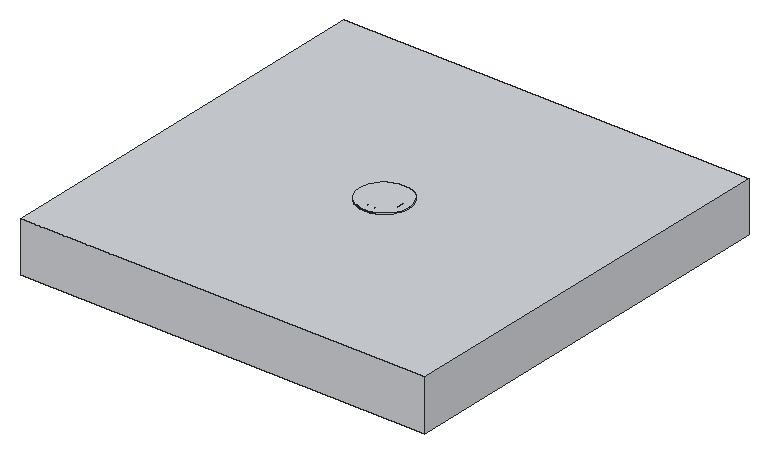
Revit family "Difusor de retorno - Redondo - Hospedado", category Terminais de ar, Revit 2019
Family settings
  Hospedeiro = Face
  Cota do conector redondo = Usar raio
  Tipo de parte = Normal
  ID de item do Seek = Supply Diffuser - Hosted-0000-CAN-ENU
  Corte com vazios quando carregada = Não
  Compartilhado = Não
  Ponto de cálculo do ambiente = Não
Parameters (values of type "Padrão")
  Queda de pressão [instance] = 0.0 Pa
  Raio da lâmina 4 = Raio da grelha * 4 / 5  # 120 mm
  Raio da lâmina 3 = Raio da grelha * 3 / 5  # 90 mm
  Raio da lâmina 2 = Raio da grelha * 2 / 5  # 60 mm
  Raio da lâmina 1 = Raio da grelha * 1 / 5  # 30 mm
  Raio da grelha = Diâmetro da grelha / 2  # 150 mm
  Diâmetro da grelha = 300 mm
  Fluxo [instance] = 0.0 L/s
  Raio do duto = 75 mm
  Diâmetro do duto = Raio do duto * 2  # 150 mm
  Raio do difusor 2 = Raio do duto  # 75 mm
  Raio do difusor 1 = Diâmetro do difusor / 2  # 100 mm
  Material do difusor = none
  Altura do difusor = 35 mm
  Diâmetro do difusor = 200 mm
  Elevação-padrão = 1200 mm
  Assembly Code = ""
Reference planes
  plane 1 "Centro (frente/trás)": y = 0
  plane 2: z = 0
  plane 3 "Centro (direita/esquerda)": x = 0
  plane 4 "Superior": z = 0
  plane 5 "Inferior": z = -30
  plane 6 "Face da grelha": z = 5
Forms (mm)
  Extrusion 1, solid
    sketch origin (0, 0, 0) x (1, 0, 0) y (0, 1, 0)
      loop
        line (-1219.2, 1219.2) -> (-1219.2, -1219.2) -> (1219.2, -1219.2) -> (1219.2, 1219.2) -> (-1219.2, 1219.2)
    from 0 to -304.8
  Blend 2, solid, material <- "Material do difusor"
    base sketch origin (0, 0, 0) x (1, 0, 0) y (0, 1, 0)
      loop
        circle (0, 0) r 100
    top sketch origin (0, 0, 0) x (1, 0, 0) y (0, 1, 0)
      loop
        circle (0, 0) r 75
    from 0 to -30
  Extrusion 3, solid, material <- "Material do difusor"
    sketch origin (0, 0, 0) x (1, 0, 0) y (0, 1, 0)
      loop
        circle (0, 0) r 150
    from 0 to 5
Lines and regions (mm)
  model lines
    curve 1: circle (0, 0, 5) r 30 normal (0, 0, 1)
    curve 2: circle (0, 0, 5) r 60 normal (0, 0, 1)
    curve 3: circle (0, 0, 5) r 90 normal (0, 0, 1)
    curve 4: circle (0, 0, 5) r 120 normal (0, 0, 1)
Dimensions and locks
  locked: plane 6 "Face da grelha" to plane 4 "Superior" at 5
  "Altura do difusor": plane 6 "Face da grelha" to plane 5 "Inferior"
  "Raio do difusor 1": radius of Blend 2 sketch curve
  "Raio do difusor 2": radius of Blend 2 sketch curve
  "Raio da grelha": radius of Extrusion 3 sketch curve
  "Raio da lâmina 1": radius of curve 1
  "Raio da lâmina 2": radius of curve 2
  "Raio da lâmina 3": radius of curve 3
  "Raio da lâmina 4": radius of curve 4
  aligned and locked: plane 2 to Extrusion 1
  aligned and locked: level to Extrusion 1
  aligned and locked: Blend 2 to plane 4 "Superior"
  aligned and locked: Blend 2 to plane 5 "Inferior"
  aligned and locked: Extrusion 3 to plane 4 "Superior"
  aligned and locked: plane 6 "Face da grelha" to Extrusion 3
Automatic sketch dimensions
  Extrusion 1 sketch curve to Extrusion 1 sketch curve = 2438.4 mm  (x2)
  plane 1 "Centro (frente/trás)" to Blend 2 sketch curve = 0 mm  (x2)
  Blend 2 sketch curve to plane 3 "Centro (direita/esquerda)" = 0 mm  (x2)
  plane 1 "Centro (frente/trás)" to Extrusion 3 sketch curve = 0 mm
  Extrusion 3 sketch curve to plane 3 "Centro (direita/esquerda)" = 0 mm
  plane 1 "Centro (frente/trás)" to curve 1 = 0 mm
  curve 1 to plane 3 "Centro (direita/esquerda)" = 0 mm
  curve 1 to curve 2 = 0 mm  (x2)
  curve 1 to curve 3 = 0 mm  (x2)
  curve 1 to curve 4 = 0 mm  (x2)
Connectors
  hvac at (0, 0, -30), driven by "Queda de pressão", driven by "Fluxo", driven by "Raio do duto"
    settings: on Blend 2, index 1, duct flow 0.0 L/s, flow factor 0, pres drop 0.0 Pa, loss coef 0, conn angle 0.00°, conn width 304.8 mm, conn height 304.8 mm, conn diameter 150 mm, duct sys type 2, conn prof type 0, flow config 1, flow direction 2, loss method 4, conn ref index -1, conn util no, is conn primary yes, conn desc "Saída de ar"
Types in the file's own list only (9): name | Raio da lâmina 4 | Raio da lâmina 3 | Raio da lâmina 2 | Raio da lâmina 1 | Raio da grelha | Diâmetro da grelha | Raio do duto | Diâmetro do duto | Raio do difusor 2 | Raio do difusor 1 | Diâmetro do difusor
  192mm | 98 mm | 73 mm | 49 mm | 24 mm | 122 mm | 244 mm | 75 mm | 150 mm | 75 mm | 96 mm | 192 mm
  248mm | 120 mm | 90 mm | 60 mm | 30 mm | 150 mm | 300 mm | 100 mm | 200 mm | 100 mm | 124 mm | 248 mm
  304mm | 142 mm | 107 mm | 71 mm | 36 mm | 178 mm | 356 mm | 125 mm | 250 mm | 125 mm | 152 mm | 304 mm
  360mm | 165 mm | 124 mm | 82 mm | 41 mm | 206 mm | 412 mm | 150 mm | 300 mm | 150 mm | 180 mm | 360 mm
  416mm | 187 mm | 140 mm | 94 mm | 47 mm | 234 mm | 468 mm | 178 mm | 355 mm | 178 mm | 208 mm | 416 mm
  476mm | 217 mm | 163 mm | 108 mm | 54 mm | 271 mm | 542 mm | 200 mm | 400 mm | 200 mm | 238 mm | 476 mm
  528mm | 239 mm | 179 mm | 120 mm | 60 mm | 299 mm | 598 mm | 225 mm | 450 mm | 225 mm | 264 mm | 528 mm
  584mm | 262 mm | 196 mm | 131 mm | 65 mm | 327 mm | 654 mm | 250 mm | 500 mm | 250 mm | 292 mm | 584 mm
  640mm | 284 mm | 213 mm | 142 mm | 71 mm | 355 mm | 710 mm | 280 mm | 560 mm | 280 mm | 320 mm | 640 mm
